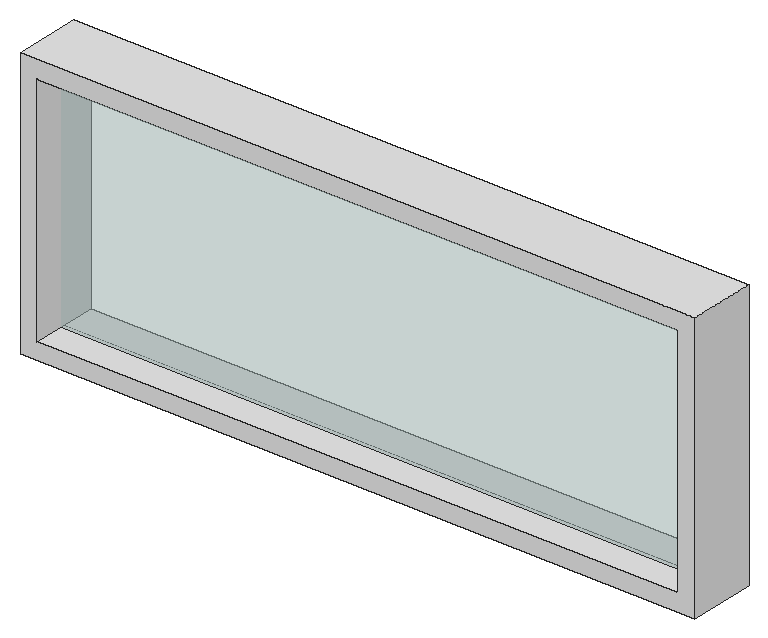
Revit family "Jan_Int_Alt", category Windows, host Wall, Revit 2025
Family settings
  Host = Wall
  OmniClass Number = 23.30.20.00
  OmniClass Title = Windows
  Always vertical = Yes
  Cut with Voids When Loaded = No
  Shared = No
  Room Calculation Point = Yes
Parameters (values of type "Janela_1x1")
  Type IFC Predefined Type = "WINDOW"
  Janela_Largura = Width  # 1.000 m
  Janela_Altura_Verga = 2.100 m
  Janela_Altura = 0.400 m
  Janela_Alta = yes
  Height = 2.100 m
  Janela_Altura_Peitoril = Janela_Altura_Verga - Height  # 0.000 m
  Wall Closure = By host
  Width = 1.000 m
  Export Type to IFC As = "IfcWindowType"
  ABNT_3E = "3E.20.04.02"
Reference planes (m)
  plane 1 "Center (Front/Back)": y = 0
  plane 2 "Center (Left/Right)": x = 0
  plane 3 "Exterior": y = 0.05
  plane 4 "Interior": y = -0.05
  plane 5: z = 2.1
  plane 6: z = 1.7
  plane 7: x = 0.5
  plane 8: x = -0.5
Forms (m)
  Extrusion 1, solid, material "CT_Aluminio"
    sketch origin (0, -0.05, 0) x (1, 0, 0) y (0, 0, 1)
      loop
        line (-0.5, 2.1) -> (-0.5, 1.7) -> (0.5, 1.7) -> (0.5, 2.1) -> (-0.5, 2.1)
      loop
        line (-0.475, 2.074501) -> (-0.475, 1.725) -> (0.475, 1.725) -> (0.475, 2.074501) -> (-0.475, 2.074501)
    from -0.1 to 0
  Extrusion 2, solid, material "CT_Vidros"
    sketch origin (0, -0.05, 0) x (1, 0, 0) y (0, 0, 1)
      loop
        line (-0.475, 2.074501) -> (-0.475, 1.725) -> (0.475, 1.725) -> (0.475, 2.074501) -> (-0.475, 2.074501)
    from -0.05 to -0.042943
Lines and regions (m)
  Opening 1
    outline origin (-5, -0.05, 0) x (1, 0, 0) y (0, 0, 1)
      loop
        line (5.5, 2.1) -> (4.5, 2.1) -> (4.5, 1.7) -> (5.5, 1.7) -> (5.5, 2.1)
  model lines
    curve 1: line (-0.5, 0.05, 0) -> (-0.5, -0.05, 0)
    curve 2: line (0.5, 0.05, 0) -> (0.5, -0.05, 0)
  model lines, visible <- "Janela_Alta"
    curve 3: line (-0.5, 0, 0) -> (0.5, 0, 0)
Text (m)
  text "Exterior" at (-1.963203, 1.332353, 0), in view "Ref. Level"
  text "Interior" at (-1.981466, -0.818386, 0), in view "Ref. Level"
  text "Exterior" at (0, 0.923751, 2.943296), in view "Right"
  text "Exterior" at (0, 1.040484, 2.685409), in view "Left"
Dimensions and locks (m)
  locked: plane 3 "Exterior" to host wall
  locked: plane 4 "Interior" to host wall
  "Janela_Altura_Verga": level to plane 5
  "Janela_Altura": plane 6 to plane 5
  equal spacing: plane 8, plane 2 "Center (Left/Right)", plane 7
  "Janela_Largura": plane 8 to plane 7
  locked: Extrusion 1 sketch curve to Extrusion 1 sketch curve at 0.025  (x3)
  locked: Extrusion 1 sketch curve to Extrusion 1 sketch curve at 0.025499
  locked: Extrusion 2 to Extrusion 2 at 0.007057
  aligned and locked: plane 5 to Opening 1 sketch curve
  aligned and locked: Opening 1 sketch curve to plane 7
  aligned and locked: Opening 1 sketch curve to plane 6
  aligned and locked: plane 8 to Opening 1 sketch curve
  aligned and locked: curve 1 to host wall
  aligned and locked: curve 2 to host wall
  aligned and locked: Extrusion 1 sketch curve to host wall  (x4)
  aligned and locked: Extrusion 2 sketch curve to Extrusion 1  (x4)
  aligned and locked: host wall to Extrusion 1  (x2)
  aligned and locked: Extrusion 2 to host wall
Automatic sketch dimensions
  host wall to curve 1 = 0.000 m
  host wall to curve 3 = 0.000 m
  host wall to curve 2 = 0.000 m
  curve 2 to host wall = 0.000 m
  curve 1 to host wall = 0.000 m
